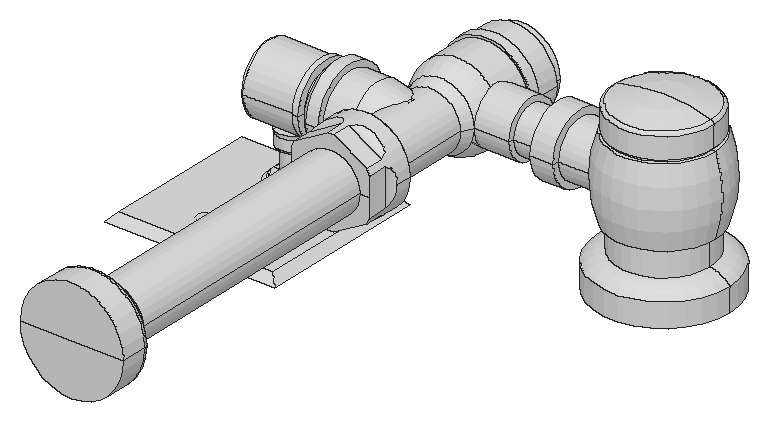
Revit family "Plumbing-Valves-Sloan-CROWN-186-ESSz", category Plumbing Fixtures, host Face, Revit 2019
Family settings
  Host = Face
  Round Connector Dimension = Use Diameter
  Part Type = Normal
  OmniClass Number = 23.45.05.14.99
  OmniClass Title = Other Sanitary Washing Plumbing Fixtures
  Cut with Voids When Loaded = No
  Shared = No
  Room Calculation Point = No
Parameters (values of type "CROWN 186 ESS-1.0-OR-HW")
  Water Inlet Connection Diameter = 3" / 4  # 3/4"
  Waste Connection = no
  WFU = 0
  Voltage = 24 V
  Vent Connection = no
  Valve Pressure Drop = 0.00 psi
  URL = "www.sloanvalve.com"
  Product data url = "https://www.bimobject.com/sloan_valve/product/flushometers_crown-186-ess"
  Product Material = Sloan Valve - Finish - Polished Chrome
  Product Guid = ""
  Power Factor = 0.8
  Part Number = "3520001"
  Operating Water Pressure = "15 – 80 PSI (103 – 552 kPa)"  # constant formula
  Number of Poles = 3
  Model = "CROWN 186 ESS-1.0-OR-HW"
  Manufacturer = "Sloan Valve"  # constant formula
  Keynote = "15410"
  Height = 13 1/2"  # constant formula
  HWFU = 0
  HW Connection = no
  Flush Rate = "1.0 gpf (3.8 Lpf)"
  Edition number = 1
  Description = "1.0 gpf, Polished Chrome Finish, Fixture Connection Top Spud, Single Flush, Electrical Override, Hardwired, Sensor-Operated, Crown® Exposed Sensor Hardwired Urinal Flushometer."
  Default Elevation = 0"
  Current = 0 A
  Centerline of Supply to Centerline of Valve = 4 3/4"  # constant formula
  Centerline of Supply from Top of Fixture = 11 1/2"  # constant formula
  CWFU = 0
  CW Connection = yes
  Assembly Code = "D2020300"
  Apparent Load = (Voltage * Current) / (Power Factor * Number of Poles)  # 0 VA
Types (3): name | Part Number | Model | Flush Rate | Description
  CROWN 186 ESS-0.5-HW | "3520010" | "CROWN 186 ESS-0.5-HW" | "0.5 gpf (1.9 Lpf)" | "0.5 gpf, Polished Chrome Finish, Fixture Connection Top Spud, Single Flush, Hardwired, Sensor-Operated, Crown® Exposed Sensor Hardwired Urinal Flushometer."
  CROWN 186 ESS-1.0-OR-HW | "3520001" | "CROWN 186 ESS-1.0-OR-HW" | "1.0 gpf (3.8 Lpf)" | "1.0 gpf, Polished Chrome Finish, Fixture Connection Top Spud, Single Flush, Electrical Override, Hardwired, Sensor-Operated, Crown® Exposed Sensor Hardwired Urinal Flushometer."
  CROWN 186 ESS-0.125-OR-HW | "3122660" | "CROWN 186 ESS-0.125-OR-HW" | "0.125 gpf (0.5 Lpf)" | "0.125 gpf, Polished Chrome Finish, Fixture Connection Top Spud, Single Flush, Electrical Override, Hardwired, Sensor-Operated, Crown® Exposed Sensor Hardwired Urinal Flushometer."
Reference planes (in)
  plane 1 "Center (Front/Back)": y = 0
  plane 2: z = 0
  plane 3 "Center (Left/Right)": x = 0
  plane 4: x = 4.75
  plane 5: y = -11.5
Dimensions and locks (in)
  "Centerline of Supply to Centerline of Valve": plane 3 "Center (Left/Right)" to plane 4
  aligned and locked: plane 2 to host face
  aligned and locked: level to host face
  aligned and locked: nested 1 to plane 4
Automatic sketch dimensions
  host sketch curve to host sketch curve = 96"  (x2)
Nested families (in)
  nested 1: "Geometry" at (0, -11.5, 0) x (1, 0, 0) z (0, 1, 0), type "Geometry"
Connectors (in)
  electrical at (-2.83158, -2.5, 0), driven by "Number of Poles", driven by "Voltage", driven by "Apparent Load", driven by "Apparent Load", driven by "Apparent Load", driven by "Power Factor"
    settings: on nested 1, index 1, voltage 24 V, apparent load 0 VA, apparent load phase1 0 VA, apparent load phase2 0 VA, apparent load phase3 0 VA, power factor 0.8, load classification "Other", number of poles 3, system type 31, power factor state 1, is connector primary yes, connector utility no, sub classification motor no, connector description "Electrical Connection"
  piping at (4.75, 0, 0), diameter 0.75, driven by "Water Inlet Connection Diameter", driven by "CWFU", driven by "Valve Pressure Drop"
    settings: on nested 1, index 2, connector inside diameter 24", connector length 0", flow factor 0, pipe flow 0 GPM, pressure drop 0.00 psi, fitting loss kfactor 0, connector angle 0.00°, fixture units 0, engagement length 0", angle of deflection 0.00°, flow configuration 3, flow direction 1, fitting loss method 4, system type 20, joint type 0, gender type 0, connector reference index -1, connector utility 0, adjustable connector no, is connector primary yes, connector description "Water Inlet Connection"
Definition of nested family "Geometry"
  Parameters (values of type "Geometry")
    URL = ""
    Product Material = none
    Model = ""
    Manufacturer = ""
    Keynote = ""
    Description = ""
    Default Elevation = 0"
    Assembly Code = ""
  Reference planes (in)
    plane 1 "Center (Front/Back)": y = 0
    plane 2: z = 0
    plane 3 "Center (Left/Right)": x = 0
    plane 4: x = 4.75
    plane 5: y = -2.25
    plane 6: z = 11.5
  Forms (in)
    Extrusion 1, solid
      sketch origin (0, 0, 0) x (1, 0, 0) y (0, 1, 0)
        loop
          line (-48, 48) -> (-48, -48) -> (48, -48) -> (48, 48) -> (-48, 48)
      from 0 to -12
    Extrusion 2, solid, material <- "Product Material", not visible
      sketch origin (0, 0, 0) x (1, 0, 0) y (0, 0, 1)
        loop
          circle (4.75, 11.5) r 1
      from 0.07956 to 0
    Blend 3, solid, material <- "Product Material"
      base sketch origin (2.08968, 0, -27) x (-1, 0, 0) y (0, 0, 1)
        loop
          line (6.92126, 34) -> (6.92126, 38) -> (2.92126, 38) -> (2.92126, 34) -> (6.92126, 34)
      top sketch origin (2.08968, 0, -27) x (-1, 0, 0) y (0, 0, 1)
        loop
          line (3.10876, 37.8125) -> (3.10876, 34.1875) -> (6.73376, 34.1875) -> (6.73376, 37.8125) -> (3.10876, 37.8125)
      from 0 to -0.1875
    Extrusion 4, solid
      sketch origin (2.08968, 0, -27) x (-1, 0, 0) y (0, 0, 1)
        loop
          line (5.34635, 35.1875) -> (4.49617, 35.1875)
          arc (4.49617, 35.1875) -> (4.30867, 35) -> (4.49617, 34.8125) r 0.1875
          line (4.49617, 34.8125) -> (5.34635, 34.8125)
          arc (5.34635, 34.8125) -> (5.53385, 35) -> (5.34635, 35.1875) r 0.1875
      from -0.1875 to 0
    Revolve 5, solid, material <- "Product Material"
      sketch origin (-21.18583, -2.25, 142.48031) x (-1, 0, 0) y (0, 0, 1)
        loop
          line (-21.18583, -142.48031) -> (-21.18583, -134.86233) -> (-21.87333, -134.86233) -> (-21.87333, -141.35531) -> (-21.96281, -141.35531) -> (-21.96281, -141.73031) -> (-22.27652, -141.73031)
          arc (-22.27652, -141.73031) -> (-22.36707, -141.76782) -> (-22.40458, -141.85837) r 0.12805
          line (-22.40458, -141.85837) -> (-22.40458, -142.48031) -> (-21.18583, -142.48031)
        loop
          line (-21.18583, -133.80894) -> (-21.18583, -129.16813)
          arc (-21.18583, -129.16813) -> (-21.63772, -129.1837) -> (-22.08747, -129.23031) r 6.56794
          line (-22.08747, -129.23031) -> (-22.08747, -129.46146) -> (-22.18583, -129.46146) -> (-22.18583, -130.04281) -> (-22.24089, -130.04281) -> (-22.24089, -130.2913) -> (-22.18601, -130.2913) -> (-22.18601, -131.12971)
          arc (-22.18601, -131.12971) -> (-22.12347, -131.39925) -> (-21.98121, -131.63656) r 0.89039
          arc (-21.98121, -131.63656) -> (-21.9317, -131.77297) -> (-21.87333, -131.90582) r 2.20623
          line (-21.87333, -131.90582) -> (-21.87333, -133.80894) -> (-21.18583, -133.80894)
        axis (-21.18583, -142.48031) -> (-21.18583, -129.16813)
      angle from 0 to 360
    Revolve 6, solid, material <- "Product Material"
      sketch origin (-21.18583, -2.25, 142.48031) x (-1, 0, 0) y (0, 0, 1)
        loop
          line (-17.49676, -132.48048) -> (-17.49676, -132.32371)
          arc (-17.49676, -132.32371) -> (-17.55143, -132.19171) -> (-17.68344, -132.13703) r 0.18668
          line (-17.68344, -132.13703) -> (-17.80926, -132.13703) -> (-17.80926, -131.72972)
          arc (-17.80926, -131.72972) -> (-17.8272, -131.68642) -> (-17.8705, -131.66848) r 0.06124
          line (-17.8705, -131.66848) -> (-19.05926, -131.66848) -> (-19.05926, -131.63673) -> (-19.18583, -131.63673) -> (-19.18583, -131.80449) -> (-19.30926, -131.80449) -> (-19.30926, -131.67656) -> (-19.46587, -131.51995) -> (-19.74676, -131.51995) -> (-19.74676, -131.66002) -> (-20.41075, -131.66002) -> (-21.18736, -131.80449) -> (-21.18736, -132.48048) -> (-17.49676, -132.48048)
        axis (-17.49676, -132.48048) -> (-21.18736, -132.48048)
      angle from 0 to 360
    Revolve 7, solid, material <- "Product Material"
      sketch origin (-21.18583, -2.25, 142.48031) x (-1, 0, 0) y (0, 0, 1)
        loop
          line (-22.81083, -130.32406) -> (-22.81083, -130.44918) -> (-23.43583, -130.44918) -> (-23.43583, -130.16781) -> (-23.96708, -130.16781) -> (-23.96708, -130.32397) -> (-25.93583, -130.32397) -> (-25.93583, -130.98031) -> (-21.18583, -130.98031) -> (-21.18583, -130.32406) -> (-22.81083, -130.32406)
        axis (-21.18583, -130.98031) -> (-25.93583, -130.98031)
      angle from 0 to 360
    Revolve 8, solid, material <- "Product Material"
      sketch origin (-10.42838, -5.85827, 11.5) x (-1, 0, 0) y (0, -1, 0)
        loop
          line (-15.17838, -5.85827) -> (-15.17838, -1.77836)
          arc (-15.17838, -1.77836) -> (-15.73994, -1.81932) -> (-16.28962, -1.94132) r 3.87013
          arc (-16.28962, -1.94132) -> (-16.33236, -1.96943) -> (-16.36047, -2.01218) r 0.12647
          line (-16.36047, -2.01218) -> (-16.36047, -2.50664) -> (-16.31817, -2.50664) -> (-16.31817, -2.56576) -> (-16.39984, -2.56576)
          arc (-16.39984, -2.56576) -> (-16.55534, -3.49096) -> (-16.39984, -4.41615) r 2.83014
          line (-16.39984, -4.41615) -> (-16.25956, -4.41615) -> (-16.25956, -5.05199)
          arc (-16.25956, -5.05199) -> (-16.52375, -5.12097) -> (-16.7335, -5.29577) r 0.62651
          line (-16.7335, -5.29577) -> (-16.7335, -5.85827) -> (-15.17838, -5.85827)
        axis (-15.17838, -5.85827) -> (-15.17838, -1.77836)
      angle from 0 to 360
    Revolve 9, solid, material <- "Product Material"
      sketch origin (-10.42838, -5.85827, 10) x (-1, 0, 0) y (0, -1, 0)
        loop
          line (-7.40495, -4.81107) -> (-7.31564, -4.81107)
          arc (-7.31564, -4.81107) -> (-7.29598, -4.80293) -> (-7.28784, -4.78327) r 0.0278
          line (-7.28784, -4.78327) -> (-7.28784, -4.51462)
          arc (-7.28784, -4.51462) -> (-7.28134, -4.46522) -> (-7.26227, -4.41919) r 0.19087
          line (-7.26227, -4.41919) -> (-7.67838, -4.41919) -> (-7.67838, -5.67077) -> (-7.07902, -5.67077) -> (-7.07902, -5.56139) -> (-7.171, -5.56139) -> (-7.171, -5.49077)
          arc (-7.171, -5.49077) -> (-7.17777, -5.47442) -> (-7.19412, -5.46764) r 0.02312
          line (-7.19412, -5.46764) -> (-7.40495, -5.46764) -> (-7.40495, -4.81107)
        axis (-7.67838, -5.67077) -> (-7.67838, -4.41919)
      angle from 0 to 360
  Lines and regions (in)
    Masking region 1
      outline origin (0, 0, 0) x (1, 0, 0) y (0, 1, 0)
        loop
          line (6.30453, 0) -> (3.19547, 0) -> (3.19547, -0.5625)
          arc (3.19547, -0.5625) -> (3.40596, -0.73524) -> (3.66882, -0.80628) r 0.64811
          line (3.66882, -0.80628) -> (3.66882, -1.44211) -> (3.52854, -1.44211)
          arc (3.52854, -1.44211) -> (3.50407, -1.5163) -> (3.48166, -1.59113) r 2.83546
          line (3.48166, -1.59113) -> (2.78296, -1.59113) -> (2.78296, -1.26142) -> (2.25, -1.26142) -> (2.25, -1.71632) -> (1.625, -1.71632) -> (1.625, -1.59375) -> (1.0285, -1.59375)
          arc (1.0285, -1.59375) -> (0.10495, -1.03565) -> (-0.89969, -1.42954) r 1.21875
          line (-0.89969, -1.42954) -> (-1.43907, -1.42954) -> (-1.43907, -1.29358) -> (-1.71723, -1.29358) -> (-1.87657, -1.45292) -> (-1.87657, -1.574) -> (-2, -1.574) -> (-2, -1.40625) -> (-2.12657, -1.40625) -> (-2.12657, -1.438) -> (-2.33324, -1.438)
          arc (-2.33324, -1.438) -> (-2.35524, -1.3818) -> (-2.3601, -1.32164) r 0.20715
          line (-2.3601, -1.32164) -> (-2.3601, -1.07699)
          arc (-2.3601, -1.07699) -> (-2.36913, -1.0552) -> (-2.39092, -1.04617) r 0.03082
          line (-2.39092, -1.04617) -> (-2.4774, -1.04617) -> (-2.4774, -0.39063) -> (-2.27169, -0.39063)
          arc (-2.27169, -0.39063) -> (-2.2513, -0.38218) -> (-2.24285, -0.36179) r 0.02884
          line (-2.24285, -0.36179) -> (-2.24285, -0.29688) -> (-2.15063, -0.29688) -> (-2.15063, -0.1875) -> (-1.01908, -0.1875) -> (-0.83158, 0) -> (-4.83158, 0) -> (-4.64408, -0.1875) -> (-3.34937, -0.1875) -> (-3.34937, -0.29688) -> (-3.25715, -0.29688) -> (-3.25715, -0.36179)
          arc (-3.25715, -0.36179) -> (-3.2487, -0.38218) -> (-3.22831, -0.39063) r 0.02884
          line (-3.22831, -0.39063) -> (-3.0226, -0.39063) -> (-3.0226, -1.04617) -> (-3.10908, -1.04617)
          arc (-3.10908, -1.04617) -> (-3.13087, -1.0552) -> (-3.1399, -1.07699) r 0.03082
          line (-3.1399, -1.07699) -> (-3.1399, -1.32164)
          arc (-3.1399, -1.32164) -> (-3.14476, -1.3818) -> (-3.16676, -1.438) r 0.20715
          line (-3.16676, -1.438) -> (-3.30757, -1.438)
          arc (-3.30757, -1.438) -> (-3.35718, -1.45854) -> (-3.37773, -1.50815) r 0.07015
          line (-3.37773, -1.50815) -> (-3.37773, -1.90576) -> (-3.51487, -1.90576)
          arc (-3.51487, -1.90576) -> (-3.63987, -1.95754) -> (-3.69164, -2.08254) r 0.17678
          line (-3.69164, -2.08254) -> (-3.69164, -2.25) -> (-3.69164, -2.41746)
          arc (-3.69164, -2.41746) -> (-3.63987, -2.54246) -> (-3.51487, -2.59424) r 0.17678
          line (-3.51487, -2.59424) -> (-3.37773, -2.59424) -> (-3.37773, -2.99185)
          arc (-3.37773, -2.99185) -> (-3.35718, -3.04146) -> (-3.30757, -3.062) r 0.07015
          line (-3.30757, -3.062) -> (-2.12657, -3.062) -> (-2.12657, -3.09375) -> (-2, -3.09375) -> (-2, -2.926) -> (-1.87657, -2.926) -> (-1.87657, -3.04708) -> (-1.71723, -3.20642) -> (-1.43907, -3.20642) -> (-1.43907, -3.07046) -> (-0.90122, -3.07046)
          arc (-0.90122, -3.07046) -> (0.10416, -3.46448) -> (1.0285, -2.90625) r 1.22009
          line (1.0285, -2.90625) -> (1.625, -2.90625) -> (1.625, -2.77889) -> (2.25, -2.77889) -> (2.25, -3.23579) -> (2.78296, -3.23579) -> (2.78296, -2.90688) -> (3.42517, -2.90688)
          arc (3.42517, -2.90688) -> (3.47006, -3.10152) -> (3.52854, -3.29251) r 2.83546
          line (3.52854, -3.29251) -> (3.61021, -3.29251) -> (3.61021, -3.35162) -> (3.56791, -3.35162) -> (3.56791, -3.84609)
          arc (3.56791, -3.84609) -> (3.59567, -3.88918) -> (3.63877, -3.91694) r 0.12116
          arc (3.63877, -3.91694) -> (4.75, -4.08111) -> (5.86123, -3.91694) r 3.84302
          arc (5.86123, -3.91694) -> (5.90433, -3.88918) -> (5.93209, -3.84609) r 0.12116
          line (5.93209, -3.84609) -> (5.93209, -3.35162) -> (5.88979, -3.35162) -> (5.88979, -3.29251) -> (5.97146, -3.29251)
          arc (5.97146, -3.29251) -> (6.12665, -2.36731) -> (5.97146, -1.44211) r 2.83546
          line (5.97146, -1.44211) -> (5.83118, -1.44211) -> (5.83118, -0.80628)
          arc (5.83118, -0.80628) -> (6.09404, -0.73524) -> (6.30453, -0.5625) r 0.64811
          line (6.30453, -0.5625) -> (6.30453, 0)
    symbolic lines, detail levels medium+fine
      curve 1: line (5.83118, -1.44211, 0) -> (3.66882, -1.44211, 0)
      curve 2: line (5.83118, -0.80628, 0) -> (3.66882, -0.80628, 0)
      curve 3: line (3.19547, -0.5625, 0) -> (6.30512, -0.5625, 0)
      curve 4: line (2.78125, -1.4375, 0) -> (2.78125, -2.25, 0)
      curve 5: line (2.78125, -2.25, 0) -> (2.78125, -3.0625, 0)
      curve 6: line (2.25, -1.4375, 0) -> (2.25, -2.25, 0)
      curve 7: line (2.25, -2.25, 0) -> (2.25, -3.0625, 0)
      curve 8: line (5.88979, -3.29251, 0) -> (3.61021, -3.29251, 0)
      curve 9: line (5.88979, -3.35162, 0) -> (3.61021, -3.35162, 0)
      curve 10: line (-3.37657, -2.25, 0) -> (-3.37657, -1.49924, 0)
      curve 11: line (-3.37657, -3.00076, 0) -> (-3.37657, -2.25, 0)
      curve 12: line (-2.12657, -2.25, 0) -> (-2.12657, -1.40625, 0)
      curve 13: line (-2.12657, -3.09375, 0) -> (-2.12657, -2.25, 0)
      curve 14: line (-2, -2.25, 0) -> (-2, -1.40625, 0)
      curve 15: line (-2, -3.09375, 0) -> (-2, -2.25, 0)
      curve 16: line (-1.87657, -2.25, 0) -> (-1.87657, -1.44608, 0)
      curve 17: line (-1.87657, -3.05392, 0) -> (-1.87657, -2.25, 0)
      curve 18: line (-1.43907, -2.25, 0) -> (-1.43907, -1.28946, 0)
      curve 19: line (-1.43907, -3.21054, 0) -> (-1.43907, -2.25, 0)
      curve 20: line (-1.72086, -3.21054, 0) -> (-1.72086, -1.28946, 0)
      curve 21: line (-3.16612, -1.43908, 0) -> (-2.33388, -1.43908, 0)
      curve 22: line (-3.11275, -1.0472, 0) -> (-2.38725, -1.0472, 0)
      curve 23: line (-3.23426, -0.39063, 0) -> (-2.26574, -0.39063, 0)
      curve 24: line (-3.34937, -0.29688, 0) -> (-2.15063, -0.29688, 0)
      curve 35: line (1.625, -2.25, 0) -> (1.625, -1.59375, 0)
      curve 36: line (1.625, -2.90625, 0) -> (1.625, -2.25, 0)
    symbolic lines, detail levels fine
      curve 25: arc (0.90625, -2.25, 0) -> (0, -1.34375, 0) -> (-0.90625, -2.25, 0) r 0.90625
      curve 26: arc (-1, -2.25, 0) -> (0, -1.25, 0) -> (1, -2.25, 0) r 1
      curve 27: arc (-1.05506, -2.25, 0) -> (0, -1.19494, 0) -> (1.05506, -2.25, 0) r 1.05506
      curve 28: arc (-0.90625, -2.25, 0) -> (0, -3.15625, 0) -> (0.90625, -2.25, 0) r 0.90625
      curve 29: arc (1, -2.25, 0) -> (0, -3.25, 0) -> (-1, -2.25, 0) r 1
      curve 30: arc (1.05506, -2.25, 0) -> (0, -3.30506, 0) -> (-1.05506, -2.25, 0) r 1.05506
      curve 31: line (-0.90038, -1.42862, 0) -> (-0.77508, -1.42862, 0)
      curve 32: line (-0.77508, -1.42862, 0) -> (-0.68364, -1.44639, 0)
      curve 33: line (-0.90165, -3.06999, 0) -> (-0.77508, -3.06999, 0)
      curve 34: line (-0.77508, -3.06999, 0) -> (-0.68339, -3.05382, 0)
      curve 37: line (1.625, -1.59375, 0) -> (0.82612, -1.59375, 0)
      curve 38: line (1.625, -2.90625, 0) -> (0.82612, -2.90625, 0)
  Dimensions and locks (in)
    Extrusion 2 sketch curve to plane 2 = 11 1/2"
    Extrusion 2 sketch curve to plane 3 "Center (Left/Right)" = 4 3/4"
    plane 3 "Center (Left/Right)" to plane 4 = 4 3/4"
    plane 6 to plane 2 = 11 1/2"
    aligned and locked: plane 2 to Extrusion 1
    aligned and locked: level to Extrusion 1
    aligned and locked: Extrusion 2 to plane 1 "Center (Front/Back)"
  Nested families (in)
    nested 1: "Royal Adapter TYPE-2" at (0, -2.25, 7.61799) x (-1, 0, 0) z (0, 0, 1), type "Optima Adapter"
  Definition of nested family "Royal Adapter TYPE-2"
    Parameters (values of type "Optima Adapter")
      Flushometer Body = none
      Assembly Code = ""
    Reference planes (in)
      plane 1 "Center (Front/Back)": y = 0
      plane 2 "Bottom": z = 0
      plane 3 "Center (Left/Right)": x = 0
      plane 4: z = 0.6875
      plane 5: z = 0
      plane 6 "Top": z = 1.15625
      plane 7: x = -1.00394
      plane 8: x = 1.00394
      plane 9: y = 1.00394
      plane 10: y = -1.00394
      plane 11: x = -0.90551
      plane 12: x = 0.90551
      plane 13: y = 0.90551
      plane 14: y = -0.90551
    Forms (in)
      Blend 1, solid, material <- "Flushometer Body"
        base sketch origin (0, 0, 0.7874) x (1, 0, 0) y (0, 1, 0)
          loop
            circle (0, 0) r 1.02362
        top sketch origin (0, 0, 0.7874) x (1, 0, 0) y (0, 1, 0)
          loop
            circle (0, 0) r 0.90625
        from 0.26599 to 0.36885
      Revolve 2, solid, material <- "Flushometer Body"
        sketch origin (0, 0, -6.85938) x (1, 0, 0) y (0, 0, 1)
          loop
            line (-1.02362, 7.91276) -> (-1.02362, 6.85938) -> (0, 6.85938) -> (0, 7.91276) -> (-1.02362, 7.91276)
          axis (0, 6.85938) -> (0, 7.91276)
        angle from 0 to 360
      Sweep 3, void
        path origin (0, 0, 0) x (1, 0, 0) y (0, 1, 0)
          loop
            line (-0.89294, 0.51554) -> (-0.89294, -0.51554) -> (0, -1.03108) -> (0.89294, -0.51554) -> (0.89294, 0.51554) -> (0, 1.03108) -> (-0.89294, 0.51554)
        profile origin (-0.89294, 0, 0) x (1, 0, 0) y (0, 0, 1)
          loop
            line (-0.23737, 0) -> (-0.02958, 0) -> (-0.02958, 0.45225)
            arc (-0.02958, 0.45225) -> (-0.08669, 0.63339) -> (-0.23737, 0.74902) r 0.31581
            line (-0.23737, 0.74902) -> (-0.23737, 0)
    Cuts and joins
      Sweep 3 cuts Revolve 2
    Dimensions and locks (in)
      locked: plane 6 "Top" to plane 4 at 0.46875
      locked: plane 4 to plane 5 at 0.6875
      locked: plane 8 to plane 7 at 2.00787
      locked: plane 11 to plane 12 at 1.81102
      locked: plane 9 to plane 10 at 2.00787
      locked: plane 13 to plane 14 at 1.81102
      aligned and locked: level to plane 2 "Bottom"
      aligned and locked: plane 2 "Bottom" to plane 5
      aligned and locked: Blend 1 to plane 6 "Top"
      aligned and locked: Blend 1 to Revolve 2 sketch curve
      aligned and locked: plane 3 "Center (Left/Right)" to Revolve 2 sketch curve
      aligned and locked: Revolve 2 sketch curve to Revolve 2 sketch curve
      aligned and locked: level to Revolve 2 sketch curve
      aligned and locked: profile plane to Sweep 3 sketch curve
